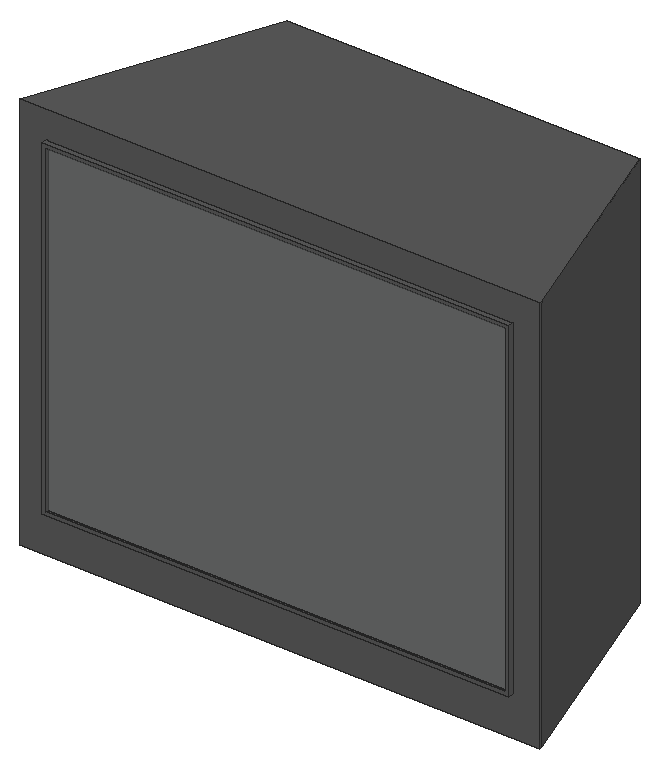
Revit family "EDRSQ42-1", category Generic Models, Revit 2023
Family settings
  Can host rebar = No
  Round Connector Dimension = Use Diameter
  Part Type = Normal
  Work Plane-Based = No
  Always vertical = Yes
  Cut with Voids When Loaded = No
  Maintain Annotation Orientation = No
  Shared = No
  Room Calculation Point = No
Parameters
  URL = "https://www.montigo.com/"
  Model = ""
  Manufacturer Fax = ""
  Manufacturer Website = "https://www.montigo.com/"
  Manufacturer Phone - Toll Free = "800-378-3115"
  Manufacturer Phone = ""
  Manufacturer Address = "27342 Gloucester Way  Langley, BC, Canada   V4W 4A1"
  Manufacturer = "Montigo"
  Keynote = ""
  Glazing Tint = Glass - Montigo - Tint as Specified
  Frame Material = Metal - Montigo - Black
  Firebox Material = Metal - Montigo - White
  Description = "Montigo Fireplace as Specified"
  Default Elevation = 0"
Reference planes (in)
  plane 1 "Center (Front/Back)": y = 0
  plane 2: z = 0
  plane 3 "Center (Left/Right)": x = 0
Forms (in)
  Extrusion 1, solid, material "Metal - Montigo - Black"
    sketch origin (0, 0, 0) x (1, 0, 0) y (0, 1, 0)
      loop
        line (-21, 18.4375) -> (-21, 0) -> (21, 0) -> (21, 18.4375) -> (-21, 18.4375)
    from 0 to 32.25
  Extrusion 2, void
    sketch origin (0, 0, 0) x (1, 0, 0) y (0, 1, 0)
      loop
        line (21, 18.4375) -> (14.2905, 18.4375) -> (21, 0.16709) -> (21, 18.4375)
      loop
        line (-14.19349, 18.4375) -> (-21, 18.4375) -> (-21, 0.0441) -> (-14.19349, 18.4375)
    from 0 to 32.25
  Extrusion 3, solid, material "Metal - Montigo - Black"
    sketch origin (0, 0, 0) x (1, 0, 0) y (0, 1, 0)
      loop
        line (-18.84375, 0) -> (-18.84375, -0.46957) -> (18.84375, -0.46957) -> (18.84375, 0) -> (-18.84375, 0)
    from 3.16797 to 30.04297
  Extrusion 4, void
    sketch origin (19.1875, -6.15625, 0) x (-1, 0, 0) y (0, 0, -1)
      loop
        line (37.78125, -29.79297) -> (37.78125, -3.41797) -> (0.59375, -3.41797) -> (0.59375, -29.79297) -> (37.78125, -29.79297)
    from -5.91234 to -5.67115
Cuts and joins
  Extrusion 2 cuts Extrusion 1
  Extrusion 4 cuts Extrusion 3
Lines and regions (in)
  symbolic lines
    curve 1: line (129.0333, -6.15625, 107.49519) -> (129.0333, -6.15625, 106.74519)
Dimensions and locks (in)
  cut or joined group of Extrusion 3, Extrusion 4 to cut or joined group of Extrusion 3, Extrusion 4 = 37 11/16"
  cut or joined group of Extrusion 1, Extrusion 2 to cut or joined group of Extrusion 1, Extrusion 2 = 42"
  cut or joined group of Extrusion 3, Extrusion 4 to cut or joined group of Extrusion 3, Extrusion 4 = 26 7/8"
  cut or joined group of Extrusion 1, Extrusion 2 to cut or joined group of Extrusion 1, Extrusion 2 = 32 1/4"
  aligned and locked: level to plane 2
